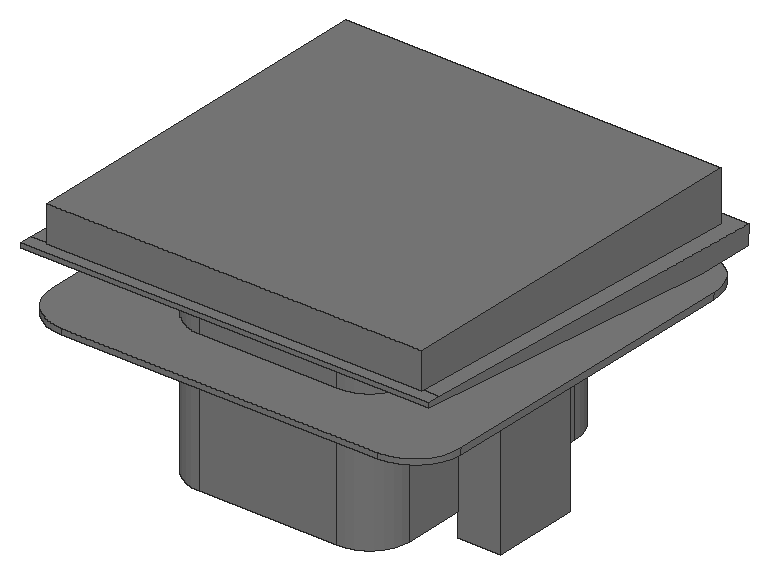
Revit family "Gira_012565", category Electrical Fixtures, host Face, Revit 2017
Family settings
  Host = Face
  Maintain Annotation Orientation = Yes
  Round Connector Dimension = Use Diameter
  Part Type = Normal
  Cut with Voids When Loaded = No
  Shared = No
  Room Calculation Point = No
Parameters (values of type "Tastschalter Serien Gira TX_44 (WG UP) F Alu")
  Zusammenstellung = "Basiselement mit zentraler Abdeckplatte"
  Werkstoffgüte = "sonstige"
  Werkstoff = "sonstige"
  Waschmaschinenschalter = "No"
  URL = "http://katalog.gira.de/de_DE/datenblatt.html?artikelnr=012565"
  Textfeld/Beschriftungsfläche = "nein"
  Tastschalter = "Yes"
  Schaltungsart = "Serienschalter"
  Rückmeldekontakt = "No"
  Region = "DE"
  Oberfläche = "sonstige"
  Nennspannung = "250 Volt"
  Name = "Tastschalter Serien Gira TX_44 (WG UP) F Alu"
  Montageart = "unter Putz"
  Mit Montageplatte = "No"
  Manufacturer URL = "https://www.gira.de/"
  Keynote = "TX44_Komplettgerät_Schalten und Tasten"
  HeinzeBIM = "https://bimportal.heinze.de/bim/tastschalter-serien-gira-tx-44-wg-up-f-alu/83d24a452775c518a84c272208490437b24d9915"
  Halogenfrei = "No"
  HAN = "012565"
  Geeignet für Schutzart (IP) = "IP44"
  GTIN = "4010337125655"
  Farbe = "aluminium"
  Default Elevation = 1219.2 mm
  Data sheet (1) = "https://katalog.gira.de/de_DE/download.html?artikelnr=012565"
  Category = "Installationsschalter"
  Bemessungsstrom = "10 Ampere"
  Beleuchtung = "nein"
  Befestigungsart = "Krallen-/Schraubbefestigung"
  Bedienungsart = "Wippe/Taste"
  Available = "Yes"
  Anzahl der Module (bei Modulbauweise) = "1 "
  Anzahl der Betätigungswippen = "2 "
  Anschlussart = "Steckklemme"
Reference planes
  plane 1 "Center (Front/Back)": y = 0
  plane 2 "Reference Level 0": z = 0
  plane 3 "Center (Left/Right)": x = 0
  plane 4: z = -28.6
Forms (mm)
  Extrusion 1, solid, material "Default", detail levels fine
    sketch origin (0, 0, 0) x (1, 0, 0) y (0, 1, 0)
      loop
        line (-32.604, 32.5) -> (-32.604, -32.5) -> (32.735, -32.5) -> (32.735, 32.5) -> (-32.604, 32.5)
    from 0 to 12.3
  Extrusion 2, solid, material "Default", detail levels fine
    sketch origin (0, 0, 0) x (0, 1, 0) y (0, 0, 1)
      loop
        line (35, 3.483) -> (-32.2, 6) -> (-34.55, 6) -> (-34.536, 5.199) -> (24.886, 0) -> (34.939, 0) -> (35, 3.483)
    from -35.5 to 35.5
  Extrusion 3, void
    sketch origin (0, 0, 0) x (0, 1, 0) y (0, 0, 1)
      loop
        line (42.419, 3.205) -> (-32.2, 6) -> (-42.193, 6) -> (-42.193, -11.826) -> (42.419, -11.826) -> (42.419, 3.205)
    from -64.194 to 61.264
  Extrusion 4, solid, material "Default", detail levels fine
    sketch origin (0, 0, 0) x (1, 0, 0) y (0, 1, 0)
      loop
        arc (35.5, 27.5) -> (33.157, 33.157) -> (27.5, 35.5) r 8
        line (27.5, 35.5) -> (-27.5, 35.5)
        arc (-27.5, 35.5) -> (-33.157, 33.157) -> (-35.5, 27.5) r 8
        line (-35.5, 27.5) -> (-35.5, -27.5)
        arc (-35.5, -27.5) -> (-33.157, -33.157) -> (-27.5, -35.5) r 8
        line (-27.5, -35.5) -> (27.5, -35.5)
        arc (27.5, -35.5) -> (33.157, -33.157) -> (35.5, -27.5) r 8
        line (35.5, -27.5) -> (35.5, 27.5)
    from -4.1 to -5.1
  Extrusion 5, solid, material "Default", detail levels fine
    sketch origin (0, 0, 0) x (1, 0, 0) y (0, 1, 0)
      loop
        arc (-12, 25) -> (-16.95, 22.95) -> (-19, 18) r 7
        line (-19, 18) -> (-19, -18)
        arc (-19, -18) -> (-16.95, -22.95) -> (-12, -25) r 7
        line (-12, -25) -> (12, -25)
        arc (12, -25) -> (16.95, -22.95) -> (19, -18) r 7
        line (19, -18) -> (19, 18)
        arc (19, 18) -> (16.95, 22.95) -> (12, 25) r 7
        line (12, 25) -> (-12, 25)
    from 4.692 to -28.6
  Extrusion 6, solid, material "Default", detail levels fine
    sketch origin (0, 0, 0) x (1, 0, 0) y (0, 1, 0)
      loop
        line (-26.5, -7.5) -> (-19, -7.5) -> (-19, 7.5) -> (-26.5, 7.5) -> (-26.5, -7.5)
    from -5.1 to -32.6
  Extrusion 7, solid, material "Default", detail levels fine
    sketch origin (0, 0, 0) x (-1, 0, 0) y (0, -1, 0)
      loop
        line (-26.5, 7.5) -> (-26.5, -7.5) -> (-19, -7.5) -> (-19, 7.5) -> (-26.5, 7.5)
    from -5.1 to -32.6
  Extrusion 8, solid, material "Default", detail levels medium
    sketch origin (0, 0, 0) x (1, 0, 0) y (0, 1, 0)
      loop
        line (-32.604, 32.5) -> (-32.604, -32.5) -> (32.735, -32.5) -> (32.735, 32.5) -> (-32.604, 32.5)
    from 0 to 12.3
  Extrusion 9, solid, material "Default", detail levels medium
    sketch origin (0, 0, 0) x (0, 1, 0) y (0, 0, 1)
      loop
        line (35, 3.483) -> (-32.2, 6) -> (-34.55, 6) -> (-34.445, 0) -> (34.939, 0) -> (35, 3.483)
    from -35.5 to 35.5
  Extrusion 10, solid, material "Default", detail levels medium
    sketch origin (0, 0, 0) x (1, 0, 0) y (0, 1, 0)
      loop
        line (-26.5, 25) -> (-26.5, -25) -> (26.5, -25) -> (26.5, 25) -> (-26.5, 25)
    from 4.692 to -32.6
  Extrusion 11, solid, material "Default", detail levels medium
    sketch origin (0, 0, 0) x (1, 0, 0) y (0, 1, 0)
      loop
        line (35.5, 35.5) -> (-35.5, 35.5) -> (-35.5, -35.5) -> (35.5, -35.5) -> (35.5, 35.5)
    from -4.1 to -5.1
  Extrusion 12, solid, material "Default", detail levels coarse
    sketch origin (0, 0, 0) x (1, 0, 0) y (0, 1, 0)
      loop
        line (35.5, 35.5) -> (-35.5, 35.5) -> (-35.5, -35.5) -> (35.5, -35.5) -> (35.5, 35.5)
    from -32.6 to 12.3
Cuts and joins
  Extrusion 3 cuts Extrusion 1
  joined: Extrusion 1, Extrusion 2, Extrusion 4, Extrusion 5, Extrusion 6, Extrusion 7
Dimensions and locks
  Extrusion 12 to Extrusion 12 = 44.9 mm
  aligned and locked: plane 2 "Reference Level 0" to host face
  aligned and locked: level to host face
  aligned and locked: plane 3 "Center (Left/Right)" to nested 1
  aligned and locked: plane 1 "Center (Front/Back)" to nested 1
Nested families
  nested 1: "Schalter" at (0, 0, 0), type "Schalter"
Connectors
  electrical at (0, 0, -32.6)
    settings: on Extrusion 12, index 1, voltage 220 V, apparent load 0 VA, apparent load phase1 0 VA, apparent load phase2 0 VA, apparent load phase3 0 VA, power factor 1, load classification "Other", number of poles 1, system type 30, power factor state 1, is connector primary yes, connector utility no, sub classification motor no, connector description ""
Definition of nested family "Schalter"
  Reference planes
    plane 1: y = 0
    plane 2: x = 0
  Lines and regions (mm)
    detail lines
      curve 1: circle (1.375, 2.778, 0) r 0.8 normal (0, 0, 1)
      curve 2: line (1.021, 2.061, 0) -> (0, 0, 0)
      curve 3: line (0, 0, 0) -> (-0.538, 0.266, 0)
  Dimensions and locks
    curve 2 to curve 2 = 2.3 mm
    curve 3 to curve 2 = 0.6 mm
    radius of curve 1 = 0.8 mm
